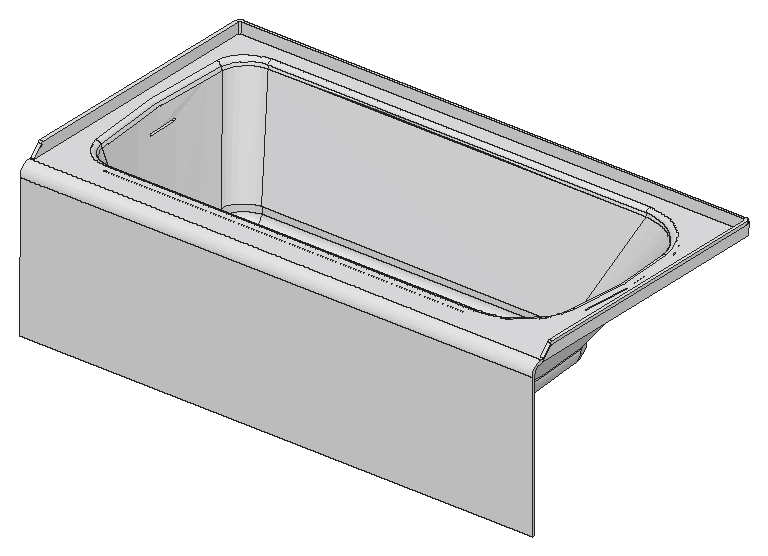
Revit family "Bath-Alcove-KOHLER-AVEC-K-25831_1", category Plumbing Fixtures, host Face, Revit 2021
Family settings
  Host = Face
  Round Connector Dimension = Use Diameter
  Part Type = Normal
  OmniClass Number = 23.31.15.00
  OmniClass Title = Bathtubs
  Cut with Voids When Loaded = No
  Shared = No
  Room Calculation Point = No
Parameters (values of type "Left Drain, 0-White")
  Width = 31.9685"  # constant formula
  WaterSense Certified = 1 = 0  # no
  Waste Water Outlet = "Waste Water Outlet"  # constant formula
  Waste Connection = 1 = 1  # yes
  Vent Connection = 1 = 0  # no
  URL = "https://www.us.kohler.com/us/"
  Type = 1
  Right Hand Drain = or(Type = 4, Type = 5, Type = 6)  # no
  Product Page URL = "http://www.us.kohler.com/us/catalog/productDetails.jsp?productId=25831-LA"
  Product Name = "AVEC\r\n"  # constant formula
  Product Documentation Link = "https://www.us.kohler.com/webassets/kpna/catalog/pdf/en/K-25831-LA_spec_US-CA_Kohler_en.pdf"
  Model = if(Type = 1, "K-25831-LA-0", if(Type = 2, "K-25831-LA-96", if(Type = 3, "K-25831-LA-NY", if(Type = 4, "K-25831-RA-0", if(Type = 5, "K-25831-RA-96", if(Type = 6, "K-25831-RA-NY", "NA"))))))  # "K-25831-LA-0"
  Material = "Acrylic\r\n"  # constant formula
  Master Format 2014 Name = "Residential Bathtubs"  # constant formula
  Master Format 2014 = "22 41 19"  # constant formula
  Manufacturer Address = "444 Highland Dr, Kohler, WI 53044"  # constant formula
  Manufacturer = "Kohler Co."  # constant formula
  Length = 60"  # constant formula
  Left Hand Drain = or(Type = 1, Type = 2, Type = 3)  # yes
  Hot Water Inlet = "Hot Water Inlet"  # constant formula
  Height = 19.36024"  # constant formula
  HW Connection = 1 = 0  # no
  Finish = KOHLER-Acrylic-0-White
  Environmental Product Declaration = ""
  Drain Included = 1 = 0  # no
  Distance To Connector = if(Right Hand Drain, 10 1/2", 49 1/2")  # 49 1/2"
  Description = if(or(Type = 1, Type = 2, Type = 3), "NEW CORE 60 INCH X 32 INCH IA BATH, LEFT HAND DRAIN", "NEW CORE 60 INCH X 32 INCH IA BATH, RIGHT HAND DRAIN")  # "NEW CORE 60 INCH X 32 INCH IA BATH, LEFT HAND DRAIN"
  Default Elevation = 0"
  Declare Label = ""
  Date Modified = "01/09/2023"  # constant formula
  Date Created = "01/09/2023"  # constant formula
  Copyright = "Copyright Kohler Co."  # constant formula
  Contact Us = "https://www.us.kohler.com/us/static/contact.jsp"
  Cold Water Inlet = "Cold Water Inlet"  # constant formula
  CW Connection = 1 = 0  # no
  Assembly Code = "D2010500"
  ADA Compliant = 1 = 0  # no
Types (7): name | Type | Right Hand Drain | Product Page URL | Product Documentation Link | Model | Left Hand Drain | Finish | Distance To Connector | Description
  (no name) | 1 | no | "http://www.us.kohler.com/us/catalog/productDetails.jsp?productId=25831-LA" | "https://www.us.kohler.com/webassets/kpna/catalog/pdf/en/K-25831-LA_spec_US-CA_Kohler_en.pdf" | "K-25831-LA-0" | yes | KOHLER-Acrylic-0-White | 49 1/2" | "NEW CORE 60 INCH X 32 INCH IA BATH, LEFT HAND DRAIN"
  Left Drain, 0-White | 1 | no | "http://www.us.kohler.com/us/catalog/productDetails.jsp?productId=25831-LA" | "https://www.us.kohler.com/webassets/kpna/catalog/pdf/en/K-25831-LA_spec_US-CA_Kohler_en.pdf" | "K-25831-LA-0" | yes | KOHLER-Acrylic-0-White | 49 1/2" | "NEW CORE 60 INCH X 32 INCH IA BATH, LEFT HAND DRAIN"
  Left Drain, 96-Biscuit | 2 | no | "http://www.us.kohler.com/us/catalog/productDetails.jsp?productId=25831-LA" | "https://www.us.kohler.com/webassets/kpna/catalog/pdf/en/K-25831-LA_spec_US-CA_Kohler_en.pdf" | "K-25831-LA-96" | yes | KOHLER-Acrylic-96-Biscuit | 49 1/2" | "NEW CORE 60 INCH X 32 INCH IA BATH, LEFT HAND DRAIN"
  Left Drain, NY-Dune | 3 | no | "http://www.us.kohler.com/us/catalog/productDetails.jsp?productId=25831-LA" | "https://www.us.kohler.com/webassets/kpna/catalog/pdf/en/K-25831-LA_spec_US-CA_Kohler_en.pdf" | "K-25831-LA-NY" | yes | KOHLER-Acrylic-NY-Dune | 49 1/2" | "NEW CORE 60 INCH X 32 INCH IA BATH, LEFT HAND DRAIN"
  Right Drain, 0-White | 4 | yes | "http://www.us.kohler.com/us/catalog/productDetails.jsp?productId=25831-RA" | "https://www.us.kohler.com/webassets/kpna/catalog/pdf/en/K-25831-RA_spec_US-CA_Kohler_en.pdf" | "K-25831-RA-0" | no | KOHLER-Acrylic-0-White | 10 1/2" | "NEW CORE 60 INCH X 32 INCH IA BATH, RIGHT HAND DRAIN"
  Right Drain, 96-Biscuit | 5 | yes | "http://www.us.kohler.com/us/catalog/productDetails.jsp?productId=25831-RA" | "https://www.us.kohler.com/webassets/kpna/catalog/pdf/en/K-25831-RA_spec_US-CA_Kohler_en.pdf" | "K-25831-RA-96" | no | KOHLER-Acrylic-96-Biscuit | 10 1/2" | "NEW CORE 60 INCH X 32 INCH IA BATH, RIGHT HAND DRAIN"
  Right Drain, NY-Dune | 6 | yes | "http://www.us.kohler.com/us/catalog/productDetails.jsp?productId=25831-RA" | "https://www.us.kohler.com/webassets/kpna/catalog/pdf/en/K-25831-RA_spec_US-CA_Kohler_en.pdf" | "K-25831-RA-NY" | no | KOHLER-Acrylic-NY-Dune | 10 1/2" | "NEW CORE 60 INCH X 32 INCH IA BATH, RIGHT HAND DRAIN"
Reference planes (in)
  plane 1 "Center (Front/Back)": y = 0
  plane 2: z = 0
  plane 3 "Center (Left/Right)": x = 0
  plane 4: y = 15.98913
  plane 5: y = -15.97938
  plane 6: x = 30
  plane 7: x = -30
  plane 8: x = -27.45276
  plane 9: x = -24.66269
  plane 10: x = -19.5
  plane 11: x = 19.5
  plane 12: x = 27.45276
  plane 13: x = 24.66269
  plane 14: x = 28.49606
  plane 15: y = 11.78834
  plane 16: x = -18.83337
  plane 17 "A": y = 1.39464
  plane 18: y = -11.34158
  plane 19: y = -8.99906
  plane 20: y = 14.13086
  plane 21: x = 18.83337
  plane 22: x = -28.49606
  plane 23: z = 19.36024
  plane 24: z = 18.11024
Forms (in)
  Revolve 1, solid, material "KOHLER-Acrylic-0-White" <- "Finish", detail levels medium+fine
    sketch origin (0, 1.39464, 0) x (-1, 0, 0) y (0, 0, 1)
      loop
        line (19.5, 0) -> (19.8937, 0) -> (19.8937, 0.98425) -> (19.5, 0.98425) -> (19.5, 0)
      axis (19.5, 0.98425) -> (19.5, 0)
    angle from 0 to 360
Dimensions and locks (in)
  "Length": plane 7 to plane 6
  "Width": plane 5 to plane 4
  plane 7 to plane 22 = 1.50394"
  plane 7 to plane 10 = 10 1/2"
  plane 17 "A" to plane 5 = 17.37402"
  plane 22 to plane 12 = 55.94882"
  plane 9 to plane 21 = 43.49606"
  plane 15 to plane 19 = 20.7874"
  plane 20 to plane 18 = 25.47244"
  plane 23 to level = 19.36024"
  plane 23 to plane 24 = 1 1/4"
  "Height": plane 23 to level
  plane 10 to plane 7 = 10 1/2"
  "Distance To Connector": plane 10 to plane 6
  plane 11 to plane 6 = 10 1/2"
  aligned and locked: plane 2 to host face
  aligned and locked: level to host face
Automatic sketch dimensions
  host sketch curve to host sketch curve = 96"  (x2)
  Revolve 1 sketch curve to level = 0"
  plane 10 to Revolve 1 sketch curve = 0"  (x2)
  Revolve 1 sketch curve to Revolve 1 sketch curve = 0.3937"
  Revolve 1 sketch curve to Revolve 1 sketch curve = 0.98425"
  Revolve 1 sketch curve to level = 1.87008"
  Revolve 1 sketch curve to Revolve 1 sketch curve = 0.49213"
Nested families (in)
  nested 1: "K-25831" at (0, 0.00487, 0), visible <- "Left Hand Drain", type "K-25831"
  nested 2: "K-25831" at (0, 0.00487, 0) x (-1, 0, 0) z (0, 0, 1), visible <- "Right Hand Drain", type "K-25831"
Connectors (in)
  piping at (-19.5, 1.39464, 0), diameter 1.5, driven by "Waste Connection", driven by "Waste Water Outlet"
    settings: on Revolve 1, index 1, connector inside diameter 24", connector length 0", flow factor 0, pipe flow 0 GPM, pressure drop 0.00 psi, fitting loss kfactor 0, connector angle 0.00°, fixture units 0, engagement length 0", angle of deflection 0.00°, flow configuration 0, flow direction 2, fitting loss method 0, system type 16, joint type 0, gender type 0, connector reference index -1, connector utility 1, adjustable connector no, is connector primary yes, connector description "Waste Water Outlet"
Definition of nested family "K-25831"
  Parameters (values of type "K-25831")
    Material = none
    Default Elevation = 0"
  Reference planes (in)
    plane 1 "Center (Front/Back)": y = 0
    plane 2: z = 0
    plane 3 "Center (Left/Right)": x = 0
    plane 4: y = 15.98425
    plane 5: y = -15.98425
    plane 6: z = 18.11024
    plane 7: z = 19.36024
    plane 8: x = -30
    plane 9: x = 30
    plane 10: x = -19.5
    plane 11 "a": y = 1.38976
    plane 12: x = -28.49606
    plane 13: x = 27.45276
    plane 14: x = -24.66269
    plane 15: x = 18.83337
    plane 16: y = 11.78346
    plane 17: y = -9.00394
    plane 18: y = 14.12598
    plane 19: y = -11.34646
    plane 20 "b": y = -0.00487
    plane 21: z = 0.11811
  Forms (in)
    Blend 1, solid, material <- "Material", detail levels medium+fine
      base sketch origin (0, 0, 0) x (1, 0, 0) y (0, 1, 0)
        loop
          arc (-26.1823, 7.5525) -> (-26.42325, 1.3885) -> (-26.17881, -4.77537) r 78.39588
          arc (-26.17881, -4.77537) -> (-25.10232, -7.11758) -> (-22.76611, -8.20704) r 3.74016
          arc (-22.76611, -8.20704) -> (-4.72322, -8.95916) -> (13.31779, -8.16323) r 210.65938
          arc (13.31779, -8.16323) -> (15.56361, -7.1539) -> (16.69535, -4.96721) r 3.74016
          arc (16.69535, -4.96721) -> (17.13482, 1.41131) -> (16.6366, 7.78551) r 43.59448
          arc (16.6366, 7.78551) -> (15.49699, 9.95025) -> (13.2631, 10.94752) r 3.74016
          arc (13.2631, 10.94752) -> (-4.75237, 11.73872) -> (-22.7695, 10.98628) r 210.65938
          arc (-22.7695, 10.98628) -> (-25.10642, 9.89606) -> (-26.1823, 7.5525) r 3.74016
      top sketch origin (0, 0, 0) x (1, 0, 0) y (0, 1, 0)
        loop
          arc (-28.12829, 10.29343) -> (-28.44539, 1.04366) -> (-27.54496, -8.16764) r 70.31985
          arc (-27.54496, -8.16764) -> (-26.24407, -10.49816) -> (-23.75571, -11.46344) r 3.93701
          arc (-23.75571, -11.46344) -> (-1.97757, -11.72913) -> (19.80065, -11.4709) r 905.39761
          arc (19.80065, -11.4709) -> (24.28645, -9.7296) -> (26.62599, -5.52471) r 7.08661
          arc (26.62599, -5.52471) -> (27.21602, 1.06039) -> (26.85528, 7.66202) r 45.96766
          arc (26.85528, 7.66202) -> (24.57316, 12.02852) -> (19.99613, 13.85204) r 7.08661
          arc (19.99613, 13.85204) -> (-2.15643, 14.11491) -> (-24.30878, 13.83569) r 905.39761
          arc (-24.30878, 13.83569) -> (-26.88814, 12.78658) -> (-28.12829, 10.29343) r 3.93701
      from 4.83475 to 17.37898
    Blend 2, void
      base sketch origin (0, 0, 0) x (1, 0, 0) y (0, 1, 0)
        loop
          arc (15.78036, 7.65488) -> (14.90467, 9.31831) -> (13.1881, 10.08463) r 2.87402
          arc (13.1881, 10.08463) -> (-4.7533, 10.87258) -> (-22.69635, 10.12323) r 209.79323
          arc (-22.69635, 10.12323) -> (-24.49209, 9.28548) -> (-25.31882, 7.48464) r 2.87402
          arc (-25.31882, 7.48464) -> (-25.55711, 1.38874) -> (-25.31536, -4.70702) r 77.52974
          arc (-25.31536, -4.70702) -> (-24.48817, -6.50683) -> (-22.69298, -7.34399) r 2.87402
          arc (-22.69298, -7.34399) -> (-4.72427, -8.09302) -> (13.24256, -7.30036) r 209.79323
          arc (13.24256, -7.30036) -> (14.96829, -6.52477) -> (15.83795, -4.84447) r 2.87402
          arc (15.83795, -4.84447) -> (16.26869, 1.40732) -> (15.78036, 7.65488) r 42.72834
      top sketch origin (0, 0, 0) x (1, 0, 0) y (0, 1, 0)
        loop
          arc (25.84881, -5.39822) -> (26.42874, 1.07408) -> (26.07418, 7.56263) r 45.18025
          arc (26.07418, 7.56263) -> (24.04562, 11.44396) -> (19.97715, 13.06487) r 6.29921
          arc (19.97715, 13.06487) -> (-2.15613, 13.32751) -> (-24.28922, 13.04853) r 904.61021
          arc (-24.28922, 13.04853) -> (-26.35272, 12.20924) -> (-27.34483, 10.21472) r 3.14961
          arc (-27.34483, 10.21472) -> (-27.65838, 1.06853) -> (-26.76804, -8.03963) r 69.53245
          arc (-26.76804, -8.03963) -> (-25.72732, -9.90405) -> (-23.73663, -10.67627) r 3.14961
          arc (-23.73663, -10.67627) -> (-1.97744, -10.94173) -> (19.78185, -10.68373) r 904.61021
          arc (19.78185, -10.68373) -> (23.76922, -9.1359) -> (25.84881, -5.39822) r 6.29921
      from 4.83475 to 17.37898
    Sweep 3, solid, material <- "Material", detail levels medium+fine
      path origin (0, 0, 0) x (1, 0, 0) y (0, 1, 0)
        loop
          arc (-26.17881, -4.77537) -> (-25.10232, -7.11758) -> (-22.76611, -8.20704) r 3.74016
          arc (-22.76611, -8.20704) -> (-4.72322, -8.95916) -> (13.31779, -8.16323) r 210.65938
          arc (13.31779, -8.16323) -> (15.56361, -7.1539) -> (16.69535, -4.96721) r 3.74016
          arc (16.69535, -4.96721) -> (17.13482, 1.41131) -> (16.6366, 7.78551) r 43.59448
          arc (16.6366, 7.78551) -> (15.49699, 9.95025) -> (13.2631, 10.94752) r 3.74016
          arc (13.2631, 10.94752) -> (-4.75237, 11.73872) -> (-22.7695, 10.98628) r 210.65938
          arc (-22.7695, 10.98628) -> (-25.10642, 9.89606) -> (-26.1823, 7.5525) r 3.74016
          arc (-26.1823, 7.5525) -> (-26.42325, 1.3885) -> (-26.17881, -4.77537) r 78.39588
      profile origin (-26.42325, 1.3885, 0) x (-1, -0.000283, 0) y (0, 0, 1)
        loop
          line (0, 4.83475) -> (-0.7874, 4.83475) -> (-0.7874, 3.97372)
          arc (-0.7874, 3.97372) -> (-1.07568, 3.27775) -> (-1.77165, 2.98947) r 0.98425
          line (-1.77165, 2.98947) -> (-3.34646, 2.98947) -> (-3.34646, 2.20207) -> (-2.40467, 2.20207)
          arc (-2.40467, 2.20207) -> (-0.70431, 2.90638) -> (0, 4.60674) r 2.40467
          line (0, 4.60674) -> (0, 4.83475)
    Sweep 4, solid, material <- "Material", detail levels medium+fine
      path origin (0, 0, 0) x (1, 0, 0) y (0, 1, 0)
        loop
          arc (19.78185, -10.68373) -> (23.76922, -9.1359) -> (25.84881, -5.39822) r 6.29921
          arc (25.84881, -5.39822) -> (26.42874, 1.07408) -> (26.07418, 7.56263) r 45.18025
          arc (26.07418, 7.56263) -> (24.04562, 11.44396) -> (19.97715, 13.06487) r 6.29921
          arc (19.97715, 13.06487) -> (-2.15613, 13.32751) -> (-24.28922, 13.04853) r 904.61021
          arc (-24.28922, 13.04853) -> (-26.35272, 12.20924) -> (-27.34483, 10.21472) r 3.14961
          arc (-27.34483, 10.21472) -> (-27.65838, 1.06853) -> (-26.76804, -8.03963) r 69.53245
          arc (-26.76804, -8.03963) -> (-25.72732, -9.90405) -> (-23.73663, -10.67627) r 3.14961
          arc (-23.73663, -10.67627) -> (-1.97744, -10.94173) -> (19.78185, -10.68373) r 904.61021
      profile origin (-1.97744, -10.94173, 0) x (-0.000171, -1, 0) y (0, 0, 1)
        loop
          line (0, 17.37898) -> (0.7874, 17.37898) -> (0.86627, 17.59567)
          arc (0.86627, 17.59567) -> (0.93834, 17.68959) -> (1.05125, 17.72519) r 0.19685
          line (1.05125, 17.72519) -> (1.52787, 17.72519) -> (1.52787, 18.11889) -> (0.68282, 18.11889)
          arc (0.68282, 18.11889) -> (0.34409, 18.01209) -> (0.12788, 17.73032) r 0.59055
          line (0.12788, 17.73032) -> (0, 17.37898)
    Extrusion 5, solid, material <- "Material", detail levels medium+fine
      sketch origin (0, 0, 0) x (1, 0, 0) y (0, 1, 0)
        loop
          arc (-28.86505, 10.36744) -> (-29.18549, 1.02028) -> (-28.27559, -8.28802) r 71.06033
          arc (-28.27559, -8.28802) -> (-26.73002, -11.05687) -> (-23.77365, -12.20369) r 4.67748
          arc (-23.77365, -12.20369) -> (-1.9777, -12.4696) -> (19.81834, -12.21117) r 906.13808
          arc (19.81834, -12.21117) -> (24.77285, -10.28791) -> (27.35684, -5.64366) r 7.82709
          arc (27.35684, -5.64366) -> (27.95638, 1.04751) -> (27.58983, 7.75549) r 46.70813
          arc (27.58983, 7.75549) -> (25.06925, 12.57824) -> (20.01397, 14.5923) r 7.82709
          arc (20.01397, 14.5923) -> (-2.1567, 14.85538) -> (-24.32717, 14.57594) r 906.13808
          arc (-24.32717, 14.57594) -> (-27.39166, 13.32951) -> (-28.86505, 10.36744) r 4.67748
        loop
          line (-29.63091, 15.3937) -> (-29.63091, -14.37974) -> (29.63091, -14.37974) -> (29.63091, 15.3937)
          arc (29.63091, 15.3937) -> (29.56604, 15.55029) -> (29.40945, 15.61516) r 0.22146
          line (29.40945, 15.61516) -> (-29.40945, 15.61516)
          arc (-29.40945, 15.61516) -> (-29.56604, 15.55029) -> (-29.63091, 15.3937) r 0.22146
      from 17.72519 to 18.11889
    Sweep 6, solid, material <- "Material", detail levels medium+fine
      path origin (0, 0, 0) x (1, 0, 0) y (0, 1, 0)
        loop
          line (-30, -14.37974) -> (-30, 15.3937)
          arc (-30, 15.3937) -> (-29.82703, 15.81128) -> (-29.40945, 15.98425) r 0.59055
          line (-29.40945, 15.98425) -> (29.40945, 15.98425)
          arc (29.40945, 15.98425) -> (29.82703, 15.81128) -> (30, 15.3937) r 0.59055
          line (30, 15.3937) -> (30, -14.37974)
      profile origin (0, 15.98425, 0) x (0, -1, 0) y (0, 0, 1)
        loop
          line (0, 19.10226) -> (0, 17.72519) -> (0.36909, 17.72519) -> (0.36909, 19.36024) -> (0, 19.36024) -> (0, 19.10226)
    Extrusion 7, solid, material <- "Material", detail levels medium+fine
      sketch origin (0, 0, 0) x (0, 1, 0) y (0, 0, 1)
        loop
          line (-15.98425, 0.11811) -> (-15.76047, 0.11811) -> (-15.76047, 16.74094)
          arc (-15.76047, 16.74094) -> (-15.47219, 17.43691) -> (-14.77622, 17.72519) r 0.98425
          line (-14.77622, 17.72519) -> (-13.50017, 17.72519) -> (-13.50017, 18.11889) -> (-14.6063, 18.11889)
          arc (-14.6063, 18.11889) -> (-15.58066, 17.7153) -> (-15.98425, 16.74094) r 1.37795
          line (-15.98425, 16.74094) -> (-15.98425, 0.11811)
      from -30 to 30
    Extrusion 8, void
      sketch origin (0, 0, 0) x (0, 1, 0) y (0, 0, 1)
        loop
          arc (-13.34897, 19.2338) -> (-13.21765, 19.32725) -> (-13.05989, 19.36024) r 0.3937
          line (-13.05989, 19.36024) -> (-12.42638, 19.36024) -> (-12.42638, 19.55709) -> (-14.39488, 19.55709) -> (-14.39488, 18.10251) -> (-13.34897, 19.2338)
      from -31.16634 to 30.83819
    Extrusion 9, solid, material <- "Material", detail levels medium+fine
      sketch origin (0, 0, 0) x (1, 0, 0) y (0, 1, 0)
        loop
          arc (-22.48689, 7.65178) -> (-22.73288, 7.53702) -> (-22.84613, 7.29033) r 0.3937
          arc (-22.84613, 7.29033) -> (-23.07679, 1.38945) -> (-22.84278, -4.5113) r 75.04942
          arc (-22.84278, -4.5113) -> (-22.72947, -4.75785) -> (-22.48355, -4.87253) r 0.3937
          arc (-22.48355, -4.87253) -> (-4.72728, -5.6127) -> (13.02713, -4.82942) r 207.31292
          arc (13.02713, -4.82942) -> (13.26354, -4.72317) -> (13.38267, -4.49299) r 0.3937
          arc (13.38267, -4.49299) -> (13.7884, 1.39589) -> (13.32842, 7.28079) r 40.24802
          arc (13.32842, 7.28079) -> (13.20846, 7.50865) -> (12.97332, 7.61363) r 0.3937
          arc (12.97332, 7.61363) -> (-4.75597, 8.39226) -> (-22.48689, 7.65178) r 207.31292
      from 2.20207 to 2.98947
    Revolve 10, solid, material <- "Material", detail levels medium+fine
      sketch origin (0, 1.38976, -0.36909) x (-1, 0, 0) y (0, 0, 1)
        loop
          line (19.5, 3.6592) -> (19.5, 3.05652) -> (20.38941, 3.05652) -> (20.42696, 3.19668)
          arc (20.42696, 3.19668) -> (20.45381, 3.24092) -> (20.50022, 3.26381) r 0.09247
          line (20.50022, 3.26381) -> (20.84949, 3.32539)
          arc (20.84949, 3.32539) -> (20.87445, 3.36105) -> (20.8388, 3.38601) r 0.03078
          line (20.8388, 3.38601) -> (20.39421, 3.30762)
          arc (20.39421, 3.30762) -> (20.36456, 3.293) -> (20.34742, 3.26475) r 0.05906
          line (20.34742, 3.26475) -> (20.30268, 3.09777) -> (19.687, 3.09777) -> (19.687, 3.42759) -> (20.86247, 3.42759)
          arc (20.86247, 3.42759) -> (20.88752, 3.44953) -> (20.86907, 3.47726) r 0.02527
          arc (20.86907, 3.47726) -> (20.19055, 3.61351) -> (19.5, 3.6592) r 5.24199
        axis (19.5, 3.6592) -> (19.5, 3.05652)
      angle from 0 to 360
    Extrusion 11, solid, material <- "Material", detail levels medium+fine
      sketch origin (0, 0, 0) x (1, 0, 0) y (0, 1, 0)
        loop
          line (-22.43839, 8.92879) -> (-22.43839, 4.40124) -> (-16.53288, 4.40124) -> (-16.53288, -1.70113) -> (-22.43839, -1.70113) -> (-22.43839, -6.03184) -> (14.56948, -6.03184) -> (14.56948, 8.92879) -> (-22.43839, 8.92879)
      from 1.49563 to 2.51181
    Extrusion 12, void
      sketch origin (0, 0, 0) x (1, 0, 0) y (0, 0, 1)
        loop
          line (-22.40483, 1.49609) -> (-22.40483, -0.94903) -> (14.56948, -0.94903) -> (14.56948, 2.00372) -> (-22.40483, 1.49609)
      from -10.02894 to 6.03184
    Revolve 13, void
      sketch origin (0, 1.38976, 0.09843) x (-1, 0, 0) y (0, 0, 1)
        loop
          line (19.5, 2.96077) -> (19.5, 1.31243) -> (20.55349, 1.31243) -> (20.55349, 2.40727)
          arc (20.55349, 2.40727) -> (20.63669, 2.42571) -> (20.70429, 2.47758) r 0.19685
          line (20.70429, 2.47758) -> (21.10974, 2.96077) -> (19.5, 2.96077)
        axis (19.5, 2.96077) -> (19.5, 1.31243)
      angle from 0 to 360
    Revolve 14, solid, material <- "Material", detail levels medium+fine
      sketch origin (0, 1.38976, 0) x (-1, 0, 0) y (0, 0, 1)
        loop
          line (19.5, 2.68742) -> (19.5, 0) -> (20.17738, 0) -> (20.28874, 0.11136) -> (20.28874, 1.61443) -> (20.58037, 1.61443)
          arc (20.58037, 1.61443) -> (20.73634, 1.65259) -> (20.85706, 1.75846) r 0.33778
          line (20.85706, 1.75846) -> (21.50753, 2.68742) -> (19.5, 2.68742)
        axis (19.5, 2.68742) -> (19.5, 0)
      angle from 0 to 360
    Extrusion 15, solid, material <- "Material", detail levels medium+fine
      sketch origin (-8.57162, 1.88269, 0) x (1, 0, 0) y (0, 1, 0)
        loop
          line (-11.99477, -6.99927) -> (-8.45146, -6.99927) -> (-8.45146, -5.42446) -> (-11.99477, -5.42446) -> (-11.99477, -6.99927)
        loop
          line (-11.99255, 5.9133) -> (-11.99255, 4.3385) -> (-8.44924, 4.3385) -> (-8.44924, 5.9133) -> (-11.99255, 5.9133)
        loop
          line (17.49242, 6.01095) -> (17.49242, 4.52648) -> (21.03573, 4.52648) -> (21.03573, 6.01095) -> (17.49242, 6.01095)
        loop
          line (17.50584, -5.49332) -> (17.50584, -6.99968) -> (21.04915, -6.99968) -> (21.04915, -5.49332) -> (17.50584, -5.49332)
      from 0 to 3.05849
    Extrusion 16, void
      sketch origin (0, 0, 0) x (1, 0, 0) y (0, 0, 1)
        loop
          line (13.55937, 2.31744) -> (13.55937, 3.89225) -> (-21.67685, 3.89225) -> (-21.67685, 2.31744) -> (13.55937, 2.31744)
      from -8.92879 to 6.7296
    Blend 17, solid, material <- "Material", detail levels coarse
      base sketch origin (0, 0, 0) x (1, 0, 0) y (0, 1, 0)
        loop
          line (-24.66269, 9.81496) -> (-24.66269, -7.03543)
          arc (-24.66269, -7.03543) -> (-24.08613, -8.42738) -> (-22.69419, -9.00394) r 1.9685
          line (-22.69419, -9.00394) -> (16.86487, -9.00394)
          arc (16.86487, -9.00394) -> (18.25681, -8.42738) -> (18.83337, -7.03543) r 1.9685
          line (18.83337, -7.03543) -> (18.83337, 9.81496)
          arc (18.83337, 9.81496) -> (18.25681, 11.2069) -> (16.86487, 11.78346) r 1.9685
          line (16.86487, 11.78346) -> (-22.69419, 11.78346)
          arc (-22.69419, 11.78346) -> (-24.08613, 11.2069) -> (-24.66269, 9.81496) r 1.9685
      top sketch origin (0, 0, 0) x (1, 0, 0) y (0, 1, 0)
        loop
          line (-28.49606, 10.97638) -> (-28.49606, -8.19685)
          arc (-28.49606, -8.19685) -> (-27.57356, -10.42396) -> (-25.34646, -11.34646) r 3.14961
          line (-25.34646, -11.34646) -> (24.30315, -11.34646)
          arc (24.30315, -11.34646) -> (26.53026, -10.42396) -> (27.45276, -8.19685) r 3.14961
          line (27.45276, -8.19685) -> (27.45276, 10.97638)
          arc (27.45276, 10.97638) -> (26.53026, 13.20349) -> (24.30315, 14.12598) r 3.14961
          line (24.30315, 14.12598) -> (-25.34646, 14.12598)
          arc (-25.34646, 14.12598) -> (-27.57356, 13.20349) -> (-28.49606, 10.97638) r 3.14961
      from 2.20207 to 18.11889
    Blend 18, void
      base sketch origin (0, 0, 0) x (1, 0, 0) y (0, 1, 0)
        loop
          arc (18.04597, 9.81496) -> (17.70003, 10.65013) -> (16.86487, 10.99606) r 1.1811
          line (16.86487, 10.99606) -> (-22.69419, 10.99606)
          arc (-22.69419, 10.99606) -> (-23.52935, 10.65013) -> (-23.87529, 9.81496) r 1.1811
          line (-23.87529, 9.81496) -> (-23.87529, -7.03543)
          arc (-23.87529, -7.03543) -> (-23.52935, -7.8706) -> (-22.69419, -8.21654) r 1.1811
          line (-22.69419, -8.21654) -> (16.86487, -8.21654)
          arc (16.86487, -8.21654) -> (17.70003, -7.8706) -> (18.04597, -7.03543) r 1.1811
          line (18.04597, -7.03543) -> (18.04597, 9.81496)
      top sketch origin (0, 0, 0) x (1, 0, 0) y (0, 1, 0)
        loop
          line (26.66535, -8.19685) -> (26.66535, 10.97638)
          arc (26.66535, 10.97638) -> (25.97348, 12.64671) -> (24.30315, 13.33858) r 2.3622
          line (24.30315, 13.33858) -> (-25.34646, 13.33858)
          arc (-25.34646, 13.33858) -> (-27.01679, 12.64671) -> (-27.70866, 10.97638) r 2.3622
          line (-27.70866, 10.97638) -> (-27.70866, -8.19685)
          arc (-27.70866, -8.19685) -> (-27.01679, -9.86718) -> (-25.34646, -10.55906) r 2.3622
          line (-25.34646, -10.55906) -> (24.30315, -10.55906)
          arc (24.30315, -10.55906) -> (25.97348, -9.86718) -> (26.66535, -8.19685) r 2.3622
      from 2.89701 to 18.11889
    Extrusion 19, solid, material <- "Material", detail levels coarse
      sketch origin (0, 0, 0) x (1, 0, 0) y (0, 1, 0)
        loop
          line (-30, 15.98425) -> (-30, -15.98425) -> (30, -15.98425) -> (30, 15.98425) -> (-30, 15.98425)
        loop
          arc (24.30315, -10.55906) -> (25.97348, -9.86718) -> (26.66535, -8.19685) r 2.3622
          line (26.66535, -8.19685) -> (26.66535, 10.97638)
          arc (26.66535, 10.97638) -> (25.97348, 12.64671) -> (24.30315, 13.33858) r 2.3622
          line (24.30315, 13.33858) -> (-25.34646, 13.33858)
          arc (-25.34646, 13.33858) -> (-27.01679, 12.64671) -> (-27.70866, 10.97638) r 2.3622
          line (-27.70866, 10.97638) -> (-27.70866, -8.19685)
          arc (-27.70866, -8.19685) -> (-27.01679, -9.86718) -> (-25.34646, -10.55906) r 2.3622
          line (-25.34646, -10.55906) -> (24.30315, -10.55906)
      from 17.29926 to 18.11889
    Extrusion 20, solid, material <- "Material", detail levels coarse
      sketch origin (0, 0, 0) x (1, 0, 0) y (0, 1, 0)
        loop
          line (8.9208, 6.40917) -> (12.46411, 6.40917) -> (12.46411, 7.89364) -> (8.9208, 7.89364) -> (8.9208, 6.40917)
        loop
          line (12.47753, -3.61064) -> (8.93422, -3.61064) -> (8.93422, -5.117) -> (12.47753, -5.117) -> (12.47753, -3.61064)
        loop
          line (-20.56417, 6.22119) -> (-17.02086, 6.22119) -> (-17.02086, 7.79599) -> (-20.56417, 7.79599) -> (-20.56417, 6.22119)
        loop
          line (-17.02308, -3.54178) -> (-20.56639, -3.54178) -> (-20.56639, -5.11658) -> (-17.02308, -5.11658) -> (-17.02308, -3.54178)
        loop
          circle (-19.5, 1.38976) r 1.55123
      from 0 to 2.72868
    Extrusion 21, solid, material <- "Material", detail levels coarse
      sketch origin (0, 0, 0) x (1, 0, 0) y (0, 1, 0)
        loop
          line (29.63091, -14.37974) -> (30, -14.37974) -> (30, 15.98425) -> (-30, 15.98425) -> (-30, -14.37974) -> (-29.63091, -14.37974) -> (-29.63091, 15.61516) -> (29.63091, 15.61516) -> (29.63091, -14.37974)
      from 17.72519 to 19.36024
    Extrusion 22, solid, material <- "Material", detail levels coarse
      sketch origin (0, 0, 0) x (0, 1, 0) y (0, 0, 1)
        loop
          line (-15.98425, 18.11889) -> (-15.98425, 0.11811) -> (-15.76047, 0.11811) -> (-15.76047, 18.11889) -> (-15.98425, 18.11889)
      from -30 to 30
    Extrusion 23, void
      sketch origin (-116.071, 1.48777, -1.75321) x (0, 1, 0) y (0, 0, 1)
        loop
          line (1.85449, 17.14811) -> (-1.85449, 17.14811)
          arc (-1.85449, 17.14811) -> (-1.9726, 17.03) -> (-1.85449, 16.91189) r 0.11811
          line (-1.85449, 16.91189) -> (1.85449, 16.91189)
          arc (1.85449, 16.91189) -> (1.9726, 17.03) -> (1.85449, 17.14811) r 0.11811
      from 81.88132 to 106.33182
    Extrusion 24, void
      sketch origin (0, 0, 0) x (0, 1, 0) y (0, 0, 1)
        loop
          line (-14.72505, 17.57673) -> (17.55841, 17.57673) -> (17.55841, 19.10787) -> (-12.86776, 19.10787)
          arc (-12.86776, 19.10787) -> (-13.16909, 19.04793) -> (-13.42454, 18.87724) r 0.7874
          line (-13.42454, 18.87724) -> (-14.72505, 17.57673)
      from -37.59315 to -29.83747
    Extrusion 25, void
      sketch origin (0, 0, 0) x (0, 1, 0) y (0, 0, -1)
        loop
          line (-14.72505, -17.57673) -> (-13.42454, -18.87724)
          arc (-13.42454, -18.87724) -> (-13.16909, -19.04793) -> (-12.86776, -19.10787) r 0.7874
          line (-12.86776, -19.10787) -> (17.55841, -19.10787) -> (17.55841, -17.57673) -> (-14.72505, -17.57673)
      from -37.59315 to -29.83747
    Extrusion 26, void
      sketch origin (0, 0, 0) x (1, 0, 0) y (0, 0, 1)
        loop
          line (32.55906, 19.10787) -> (-32.00787, 19.10787) -> (-32.00787, 16.35196) -> (32.55906, 16.35196) -> (32.55906, 19.10787)
      from -19.70237 to -15.80058
  Cuts and joins
    Blend 2, Revolve 13, Extrusion 23, Extrusion 25 cuts Blend 1
    Revolve 13, Extrusion 25 cuts Sweep 3
    Extrusion 25 cuts Sweep 4
    Extrusion 25 cuts Extrusion 5
    Extrusion 8, Extrusion 24, Extrusion 25, Extrusion 26 cuts Sweep 6
    Extrusion 24, Extrusion 25 cuts Extrusion 7
    Revolve 13, Extrusion 25 cuts Extrusion 9
    Extrusion 12, Revolve 13, Extrusion 25 cuts Extrusion 11
    Extrusion 16, Extrusion 25 cuts Extrusion 15
    joined: Blend 1, Sweep 3, Sweep 4, Extrusion 5, Sweep 6, Extrusion 7, Extrusion 9, Extrusion 11, Extrusion 15
    Blend 18, Extrusion 25 cuts Blend 17
    Extrusion 25 cuts Extrusion 19
    Extrusion 25 cuts Extrusion 20
    Extrusion 25 cuts Extrusion 21
    Extrusion 25 cuts Extrusion 22
    joined: Blend 17, Extrusion 19, Extrusion 20, Extrusion 21, Extrusion 22
  Lines and regions (in)
    Masking region 1
      outline origin (0, 0, 0) x (1, 0, 0) y (0, 1, 0)
        loop
          line (-30, 15.98425) -> (-30, -15.3937)
          arc (-30, -15.3937) -> (-29.82703, -15.81128) -> (-29.40945, -15.98425) r 0.59055
          line (-29.40945, -15.98425) -> (29.40945, -15.98425)
          arc (29.40945, -15.98425) -> (29.82703, -15.81128) -> (30, -15.3937) r 0.59055
          line (30, -15.3937) -> (30, 15.98425) -> (-30, 15.98425)
    Masking region 2
      outline origin (0, 0, 0) x (1, 0, 0) y (0, 0, 1)
        loop
          line (-30, 19.36024) -> (-30, 0.11811) -> (-21.05123, 0.11811) -> (-21.05123, 0) -> (-17.02308, 0) -> (-17.02308, 0.11811) -> (8.93422, 0.11811) -> (8.93422, 0) -> (12.47753, 0) -> (12.47753, 0.11811) -> (30, 0.11811) -> (30, 19.36024) -> (-30, 19.36024)
    Masking region 3
      outline origin (0, 0, 0) x (0, 1, 0) y (0, 0, 1)
        loop
          line (-15.98425, 0.11811) -> (-15.67578, 0.11811) -> (-15.67578, 17.27165)
          arc (-15.67578, 17.27165) -> (-15.36638, 17.94304) -> (-14.65496, 18.14401) r 0.88316
          line (-14.65496, 18.14401) -> (-11.54785, 17.65371)
          arc (-11.54785, 17.65371) -> (-11.30997, 17.53366) -> (-11.20304, 17.2896) r 0.3937
          arc (-11.20304, 17.2896) -> (-10.43953, 11.15838) -> (-8.99399, 5.15127) r 55.0672
          arc (-8.99399, 5.15127) -> (-7.90985, 3.33662) -> (-6.09654, 2.25025) r 4.33573
          line (-6.09654, 2.25025) -> (-6.09654, 1.68646) -> (-5.57837, 1.68646) -> (-5.57837, 0) -> (-4.00357, 0) -> (-4.00357, 1.64016) -> (-0.54838, 1.64016) -> (-0.42027, 1.41828)
          arc (-0.42027, 1.41828) -> (-0.27617, 1.27418) -> (-0.07932, 1.22143) r 0.3937
          line (-0.07932, 1.22143) -> (0.43588, 1.22143) -> (0.43588, 0) -> (2.25054, 0) -> (2.25054, 1.22143) -> (2.76573, 1.22143)
          arc (2.76573, 1.22143) -> (2.96258, 1.27418) -> (3.10669, 1.41828) r 0.3937
          line (3.10669, 1.41828) -> (3.23479, 1.64016) -> (6.7516, 1.64016) -> (6.7516, 0) -> (8.3264, 0) -> (8.3264, 1.68646) -> (8.84457, 1.68646) -> (8.84457, 2.25025)
          arc (8.84457, 2.25025) -> (10.65788, 3.33662) -> (11.74202, 5.15127) r 4.33573
          arc (11.74202, 5.15127) -> (13.18756, 11.15838) -> (13.95107, 17.2896) r 55.0672
          arc (13.95107, 17.2896) -> (14.05801, 17.53366) -> (14.29588, 17.65371) r 0.3937
          line (14.29588, 17.65371) -> (15.36962, 17.78555)
          arc (15.36962, 17.78555) -> (15.73995, 17.98039) -> (15.8882, 18.3717) r 0.59055
          line (15.8882, 18.3717) -> (15.8882, 19.04887)
          arc (15.8882, 19.04887) -> (15.91435, 19.13652) -> (15.98425, 19.19551) r 0.15997
          line (15.98425, 19.19551) -> (15.98425, 19.36024) -> (-13.24389, 19.36024)
          arc (-13.24389, 19.36024) -> (-13.49923, 19.30944) -> (-13.71571, 19.1648) r 0.66725
          line (-13.71571, 19.1648) -> (-14.22611, 18.65439)
          arc (-14.22611, 18.65439) -> (-14.45244, 18.51588) -> (-14.71701, 18.49552) r 0.56698
          arc (-14.71701, 18.49552) -> (-15.59991, 18.24815) -> (-15.98425, 17.4157) r 1.09368
          line (-15.98425, 17.4157) -> (-15.98425, 0.11811)
    symbolic lines, detail levels medium+fine
      curve 1: spline (22.85753, 11.67302, 0) -> (22.39706, 11.963, 0) -> (21.92299, 12.23017, 0) -> (21.43645, 12.47388, 0) -> (20.93859, 12.69356, 0) -> (20.4306, 12.88868, 0) -> (19.9137, 13.05877, 0) -> (19.38911, 13.20344, 0) -> (18.85809, 13.32233, 0) -> (18.32189, 13.41517, 0) -> (17.78181, 13.48173, 0) -> (17.23912, 13.52185, 0) -> (16.69512, 13.53543, 0)
      curve 2: line (16.69512, 13.53543, 0) -> (-23.77187, 13.53543, 0)
      curve 3: arc (24.748, -4.92756, 0) -> (25.19687, 1.37598, 0) -> (24.748, 7.67953, 0) r 44.48484
      curve 4: spline (-27.48361, 9.23993, 0) -> (-27.62256, 7.93388, 0) -> (-27.73632, 6.62531, 0) -> (-27.82485, 5.31474, 0) -> (-27.88811, 4.00266, 0) -> (-27.92607, 2.68957, 0) -> (-27.93873, 1.37598, 0) -> (-27.92607, 0.0624, 0) -> (-27.88811, -1.25069, 0) -> (-27.82485, -2.56277, 0) -> (-27.73632, -3.87334, 0) -> (-27.62256, -5.18191, 0) -> (-27.48361, -6.48796, 0)
      curve 9: spline (16.32544, 6.46032, 0) -> (16.40746, 5.65571, 0) -> (16.4746, 4.84972, 0) -> (16.52685, 4.04263, 0) -> (16.56418, 3.23471, 0) -> (16.58658, 2.42623, 0) -> (16.59405, 1.61749, 0) -> (16.58658, 0.80874, 0) -> (16.56418, 0.00026, 0) -> (16.52685, -0.80766, 0) -> (16.4746, -1.61475, 0) -> (16.40746, -2.42074, 0) -> (16.32544, -3.22535, 0)
      curve 10: spline (-22.27552, -3.79129, 0) -> (-22.36068, -2.89226, 0) -> (-22.43038, -1.99191, 0) -> (-22.48462, -1.0905, 0) -> (-22.52337, -0.18828, 0) -> (-22.54663, 0.71447, 0) -> (-22.55438, 1.61749, 0) -> (-22.54663, 2.5205, 0) -> (-22.52337, 3.42325, 0) -> (-22.48462, 4.32547, 0) -> (-22.43038, 5.22688, 0) -> (-22.36068, 6.12724, 0) -> (-22.27552, 7.02626, 0)
      curve 11: line (-21.0874, 9.10819, 0) -> (13.88995, 9.58277, 0)
      curve 21: arc (24.748, 7.67953, 0) -> (24.10449, 9.81911, 0) -> (22.85753, 11.67302, 0) r 7.4767
      curve 22: arc (-23.77187, 13.53543, 0) -> (-26.28858, 11.95871, 0) -> (-27.48361, 9.23993, 0) r 5.04931
      curve 23: spline (22.85753, -8.92105, 0) -> (22.39706, -9.21103, 0) -> (21.92299, -9.4782, 0) -> (21.43645, -9.72191, 0) -> (20.93859, -9.94159, 0) -> (20.4306, -10.13671, 0) -> (19.9137, -10.3068, 0) -> (19.38911, -10.45147, 0) -> (18.85809, -10.57036, 0) -> (18.3219, -10.6632, 0) -> (17.78181, -10.72976, 0) -> (17.23912, -10.76988, 0) -> (16.69512, -10.78346, 0)
      curve 24: line (16.69512, -10.78346, 0) -> (-23.77187, -10.78346, 0)
      curve 25: arc (24.748, -4.92756, 0) -> (24.10449, -7.06714, 0) -> (22.85753, -8.92105, 0) r 7.4767
      curve 26: arc (-23.77187, -10.78346, 0) -> (-26.28858, -9.20674, 0) -> (-27.48361, -6.48796, 0) r 5.04931
      curve 33: arc (13.88995, 9.58277, 0) -> (15.54955, 8.36618, 0) -> (16.32544, 6.46032, 0) r 3.77819
      curve 34: arc (-22.27552, 7.02626, 0) -> (-21.90092, 8.19247, 0) -> (-21.0874, 9.10819, 0) r 2.96886
      curve 35: line (-21.0874, -5.87322, 0) -> (13.88995, -6.34779, 0)
      curve 36: arc (13.88995, -6.34779, 0) -> (15.54955, -5.13121, 0) -> (16.32544, -3.22535, 0) r 3.77819
      curve 37: arc (-22.27552, -3.79129, 0) -> (-21.90092, -4.95749, 0) -> (-21.0874, -5.87322, 0) r 2.96886
      curve 40: circle (-19.5, 1.38976, 0) r 1.37795 normal (0, 0, 1)
      curve 41: line (0, -13.38175, 0) -> (-29.40305, -13.38175, 0)
      curve 46: line (0, -13.38175, 0) -> (29.40305, -13.38175, 0)
      curve 51: line (-30, 0, 18.11024) -> (30, 0, 18.11024)
      curve 52: line (-29.6063, 0, 19.10464) -> (-29.6063, 0, 18.11024)
      curve 53: line (29.6063, 0, 18.11024) -> (29.6063, 0, 19.10464)
      curve 54: arc (-29.84508, 0, 19.37008) -> (-29.67478, 0, 19.28316) -> (-29.6063, 0, 19.10464) r 0.26692
      curve 55: arc (29.6063, 0, 19.10464) -> (29.65512, 0, 19.26462) -> (29.78493, 0, 19.37008) r 0.28652
      curve 56: line (0, 15.98425, 19.19551) -> (0, -13.13837, 19.19551)
      curve 57: line (0, 6.7516, 1.68646) -> (0, 8.3264, 1.68646)
      curve 58: line (0, -4.00357, 1.64016) -> (0, -4.00357, 1.68646)
      curve 59: line (0, 7.84903, 2.07308) -> (0, -5.14309, 2.07308)
      curve 60: line (0, 13.95555, 17.35621) -> (0, -11.20751, 17.35621)
      curve 61: line (0, -12.22806, 17.75444) -> (0, 15.13415, 17.75444)
      curve 62: line (0, -13.55595, 19.02255) -> (0, -14.47023, 18.10827)
      curve 63: line (0, -14.47023, 18.10827) -> (0, 15.84473, 18.10827)
      curve 64: arc (0, -13.55595, 19.02255) -> (0, -13.36436, 19.15056) -> (0, -13.13837, 19.19551) r 0.59055
      curve 65: arc (0, 3.23479, 1.64016) -> (0, 3.36572, 1.85187) -> (0, 3.47985, 2.07308) r 3.20919
      curve 66: arc (0, -0.54838, 1.64016) -> (0, -0.67931, 1.85187) -> (0, -0.79344, 2.07308) r 3.20919
      curve 67: arc (0, 11.65375, 4.92469) -> (0, 1.36738, 4.7797) -> (0, -8.91898, 4.92479) r 364.83466
      curve 68: line (0, 6.7516, 1.58298) -> (0, 6.7516, 1.68646)
      curve 69: line (0, -5.57837, 1.68646) -> (0, -4.00357, 1.68646)
      curve 70: arc (0, 7.84903, 2.07308) -> (0, 8.35723, 2.10306) -> (0, 8.84457, 2.25025) r 2.17703
      curve 71: arc (0, -5.0695, 2.07308) -> (0, -5.51371, 2.09266) -> (0, -5.94467, 2.20207) r 2.17703
      curve 72: arc (0, -5.94467, 2.20207) -> (0, -6.09067, 2.25206) -> (0, -6.23863, 2.29588) r 3.67158
      curve 73: line (0, 2.25054, 1.22143) -> (0, 0.43588, 1.22143)
      curve 74: circle (-19.5, 1.38976, 0) r 1.77165 normal (0, 0, 1)
      curve 76: arc (-30, 15.3937, 0) -> (-29.82703, 15.81128, 0) -> (-29.40945, 15.98425, 0) r 0.59055
      curve 77: arc (29.40945, 15.98425, 0) -> (29.82703, 15.81128, 0) -> (30, 15.3937, 0) r 0.59055
      curve 78: line (-16.82401, 0, 0.11811) -> (-21.15472, 0, 0.11811)
      curve 79: line (12.67438, 0, 0.11811) -> (8.73737, 0, 0.11811)
    symbolic lines
      curve 5: arc (26.90737, 8.76322, 0) -> (26.19675, 10.69361, 0) -> (24.75914, 12.1649, 0) r 4.92126
      curve 6: line (24.75914, 12.1649, 0) -> (18.27026, 14.12598, 0)
      curve 7: line (18.27026, 14.12598, 0) -> (-23.77217, 14.12598, 0)
      curve 8: line (-23.77217, 14.12598, 0) -> (-28.06997, 10.31014, 0)
      curve 12: spline (-24.32466, -4.51193, 0) -> (-24.42786, -3.54391, 0) -> (-24.51236, -2.57407, 0) -> (-24.57811, -1.60278, 0) -> (-24.62509, -0.6304, 0) -> (-24.65329, 0.34271, 0) -> (-24.66269, 1.31618, 0) -> (-24.65329, 2.28965, 0) -> (-24.62509, 3.26276, 0) -> (-24.57811, 4.23514, 0) -> (-24.51236, 5.20643, 0) -> (-24.42786, 6.17627, 0) -> (-24.32466, 7.14429, 0)
      curve 13: line (-21.02755, 11.18116, 0) -> (12.76428, 11.78346, 0)
      curve 14: spline (18.58991, 6.01712, 0) -> (18.66426, 5.23587, 0) -> (18.72511, 4.4534, 0) -> (18.77246, 3.66995, 0) -> (18.8063, 2.88577, 0) -> (18.8266, 2.1011, 0) -> (18.83337, 1.31618, 0) -> (18.8266, 0.53126, 0) -> (18.8063, -0.25341, 0) -> (18.77246, -1.0376, 0) -> (18.72511, -1.82105, 0) -> (18.66426, -2.60352, 0) -> (18.58991, -3.38477, 0)
      curve 15: arc (26.90737, -6.01125, 0) -> (26.19675, -7.94165, 0) -> (24.75914, -9.41293, 0) r 4.92126
      curve 16: line (24.75914, -9.41293, 0) -> (18.36145, -11.34646, 0)
      curve 17: line (18.36145, -11.34646, 0) -> (-23.80321, -11.34646, 0)
      curve 18: line (-23.80321, -11.34646, 0) -> (-28.06997, -7.55817, 0)
      curve 19: arc (26.90737, 8.76322, 0) -> (27.43342, 1.37598, 0) -> (26.90737, -6.01125, 0) r 52.13258
      curve 20: arc (-28.06997, 10.31014, 0) -> (-28.54331, 1.37598, 0) -> (-28.06997, -7.55817, 0) r 84.55232
      curve 27: arc (16.1155, 10.73265, 0) -> (17.80584, 8.61266, 0) -> (18.58991, 6.01712, 0) r 7.18312
      curve 28: arc (-24.32466, 7.14429, 0) -> (-23.26636, 9.64481, 0) -> (-21.02755, 11.18116, 0) r 4.83699
      curve 29: line (-21.02755, -8.54881, 0) -> (12.76639, -9.00394, 0)
      curve 30: spline (12.76639, -9.00394, 0) -> (13.05917, -9.00136, 0) -> (13.35151, -8.98524, 0) -> (13.64279, -8.95559, 0) -> (13.93239, -8.91249, 0) -> (14.21968, -8.85603, 0) -> (14.50406, -8.78632, 0) -> (14.78491, -8.70352, 0) -> (15.06163, -8.6078, 0) -> (15.33362, -8.49938, 0) -> (15.60031, -8.37847, 0) -> (15.86112, -8.24535, 0) -> (16.1155, -8.10029, 0)
      curve 31: arc (16.1155, -8.10029, 0) -> (17.80584, -5.98031, 0) -> (18.58991, -3.38477, 0) r 7.18312
      curve 32: arc (-24.32466, -4.51193, 0) -> (-23.26636, -7.01246, 0) -> (-21.02755, -8.54881, 0) r 4.83699
      curve 38: arc (-21.05123, 1.38976, 0) -> (-19.5, 2.94099, 0) -> (-17.94877, 1.38976, 0) r 1.55123
      curve 39: arc (-17.94877, 1.38976, 0) -> (-19.5, -0.16146, 0) -> (-21.05123, 1.38976, 0) r 1.55123
      curve 42: line (-29.40305, -13.69258, 0) -> (-29.40305, 15.19685, 0)
      curve 43: arc (-30, -14.7597, 0) -> (-29.56243, -14.30395, 0) -> (-29.40305, -13.69258, 0) r 1.25228
      curve 44: line (-29.2062, 15.3937, 0) -> (-0.07874, 15.3937, 0)
      curve 45: arc (-29.40305, 15.19685, 0) -> (-29.3454, 15.33604, 0) -> (-29.2062, 15.3937, 0) r 0.19685
      curve 47: line (29.40305, -13.69258, 0) -> (29.40305, 15.19685, 0)
      curve 48: arc (30, -14.7597, 0) -> (29.56243, -14.30395, 0) -> (29.40305, -13.69258, 0) r 1.25228
      curve 49: line (29.2062, 15.3937, 0) -> (-0.07874, 15.3937, 0)
      curve 50: arc (29.40305, 15.19685, 0) -> (29.3454, 15.33604, 0) -> (29.2062, 15.3937, 0) r 0.19685
      curve 75: arc (12.76428, 11.78346, 0) -> (14.54748, 11.60117, 0) -> (16.1155, 10.73265, 0) r 4.46764
  Dimensions and locks (in)
    plane 6 to level = 18.11024"
    plane 4 to plane 5 = 31.9685"
    plane 8 to plane 9 = 60"
    plane 8 to plane 10 = 10 1/2"
    plane 11 "a" to plane 5 = 17.37402"
    plane 8 to plane 12 = 1.50394"
    plane 12 to plane 13 = 55.94882"
    plane 14 to plane 15 = 43.49606"
    plane 17 to plane 16 = 20.7874"
    plane 18 to plane 19 = 25.47244"
    plane 7 to level = 19.36024"
    plane 6 to plane 21 = 17.99213"
    aligned and locked: level to plane 2
